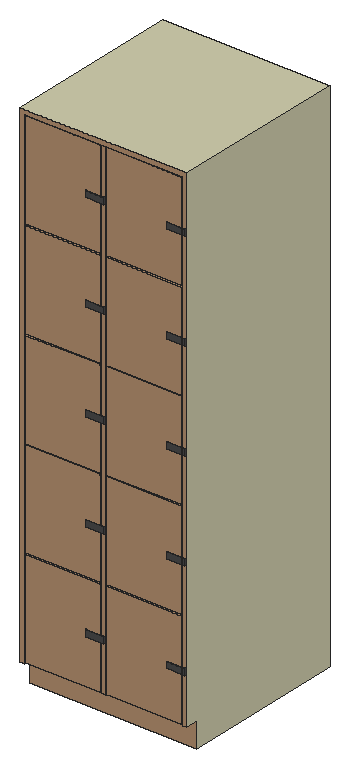
Revit family "Cabinet_Wenger_UltraStor_04", category Furniture, Revit 2015
Parameters (values of type "UltraStor Cabinet #04 - Comp Wood Doors")
  URL = "https://www.wengercorp.com/"
  Type Comments = ""
  Specification = "http://www.arcat.com/sdspecs/htm04/12_35_83wen.htm"
  Shelf Thickness = 0' - 1 1/8"
  Sales Information = "https://www.wengercorp.com/contact-us.php"
  Revision = "R1_2018-04"
  Rear Panel Thickness = 0' - 0 3/4"
  Product Data = "http://www.arcat.com/arcatcos/cos36/arc36487.html"
  Manufacturer Website = "https://www.wengercorp.com/"
  Manufacturer Phone - Toll Free = "800-4WENGER"
  Manufacturer Phone = "(507) 455-4100"
  Manufacturer Fax = "(507) 455-4258"
  Manufacturer Address = "555 Park Dr., Owatonna, MN 55060"
  Keynote = "12 35 83"
  HasDoors = yes
  Green Building-LEED = "http://www.arcat.com/green/clients/leed_data_36487.html"
  Drawn By = "Sumex Design, Inc. / Robert S. Weygant, CSI, CDT, SCIP"
  Door Width = (Cabinet Width - 0' 2 1/4") / 2  # 1' - 0 5/8"
  Door Style = Door_Base : Solid Door
  Door Material [instance] = Wenger Cherry (Use Cherry Edge Band Only)
  Door Height = (Cabinet Height - 0' 4 3/4") / 5  # 1' - 4.175"
  Toe Kick Material [instance] = Wenger Cherry (Use Cherry Edge Band Only)
  RH End Panel [instance] = no
  Model = "#04"
  Manufacturer = "Wenger Corporation"
  LH End Panel [instance] = no
  End Panel Material [instance] = Wenger Cherry (Use Cherry Edge Band Only)
  Edge Banding Material [instance] = Wenger Cherry (Use Cherry Edge Band Only)
  Cost = 0
  Copyright = "© 2018 Arcat Inc."
  Construction Details = "http://www.arcat.com/details/wengerco/wengerco.html?coid=36487"
  Body Material [instance] = Wenger - Oyster
  Description = "Wenger UltraStor Cabinet #04 - Comp Wood Doors"
  Cabinet Width = 2' - 3 1/2"
  Cabinet Height = 7' - 1 5/8"
  Installed Depth = 2' - 5 1/4"
  Cabinet Panel Thickness = 0' - 0 3/4"
  Assembly Code = "E2010200"
Types (14): name | Rear Panel Thickness | HasDoors | Door Width | Door Style | Door Material | Model | Description | Cabinet Width | Installed Depth
  Acoustic Cabinet #04 - No Doors | 0' - 3 1/4" | no | 1' - 0 5/8" | Door_Base : Solid Door | none | "#04A" | "Wenger Acoustic Cabinet #04 - No Doors" | 2' - 3 1/2" | 2' - 7 3/4"
  Narrow Acoustic Cabinet #04 - No Doors | 0' - 3 1/4" | no | 0' - 9 5/8" | Door_Base : Solid Door | none | "#04NA" | "Wenger Narrow Acoustic Cabinet #04 - No Doors" | 1' - 9 1/2" | 2' - 7 3/4"
  Acoustic Cabinet #04 - Comp Grille Doors | 0' - 3 1/4" | yes | 1' - 0 5/8" | Door_Base : Bars | Painted Black | "#04A" | "Wenger Acoustic Cabinet #04 - Comp Grille Doors" | 2' - 3 1/2" | 2' - 7 3/4"
  Narrow Acoustic Cabinet #04 - Comp Waterfall Grille Doors | 0' - 3 1/4" | yes | 0' - 9 5/8" | Door_Base : Waterfall | Painted Black | "#04NA" | "Wenger Narrow Acoustic Cabinet #04 - Comp Waterfall Grille Doors" | 1' - 9 1/2" | 2' - 7 3/4"
  Narrow Acoustic Cabinet #04 - Comp Grille Doors | 0' - 3 1/4" | yes | 0' - 9 5/8" | Door_Base : Bars | Painted Black | "#04NA" | "Wenger Narrow Acoustic Cabinet #04 - Comp Grille Doors" | 1' - 9 1/2" | 2' - 7 3/4"
  Acoustic Cabinet #04 - Comp Waterfall Grille Doors | 0' - 3 1/4" | yes | 1' - 0 5/8" | Door_Base : Waterfall | Painted Black | "#04A" | "Wenger Acoustic Cabinet #04 - Comp Waterfall Grille Doors" | 2' - 3 1/2" | 2' - 7 3/4"
  UltraStor Cabinet #04 - No Doors | 0' - 0 3/4" | no | 1' - 0 5/8" | Door_Base : Solid Door | none | "#04" | "Wenger UltraStor Cabinet #04 - No Doors" | 2' - 3 1/2" | 2' - 5 1/4"
  Narrow UltraStor Cabinet #04 - No Doors | 0' - 0 3/4" | no | 0' - 9 5/8" | Door_Base : Solid Door | none | "#04N" | "Wenger Narrow Cabinet #04 - No Doors" | 1' - 9 1/2" | 2' - 5 1/4"
  UltraStor Cabinet #04 - Comp Waterfall Grille Doors | 0' - 0 3/4" | yes | 1' - 0 5/8" | Door_Base : Waterfall | Painted Black | "#04" | "Wenger UltraStor Cabinet #04 - Comp Waterfall Grille Doors" | 2' - 3 1/2" | 2' - 5 1/4"
  UltraStor Cabinet #04 - Comp Wood Doors | 0' - 0 3/4" | yes | 1' - 0 5/8" | Door_Base : Solid Door | Wenger Cherry (Use Cherry Edge Band Only) | "#04" | "Wenger UltraStor Cabinet #04 - Comp Wood Doors" | 2' - 3 1/2" | 2' - 5 1/4"
  Narrow UltraStor Cabinet #04 - Comp Waterfall Grille Doors | 0' - 0 3/4" | yes | 0' - 9 5/8" | Door_Base : Waterfall | Painted Black | "#04N" | "Wenger Narrow Cabinet #04 - Comp Waterfall Grille Doors" | 1' - 9 1/2" | 2' - 5 1/4"
  Narrow UltraStor Cabinet #04 - Comp Wood Doors | 0' - 0 3/4" | yes | 0' - 9 5/8" | Door_Base : Solid Door | Wenger Cherry (Use Cherry Edge Band Only) | "#04N" | "Wenger Narrow Cabinet #04 - Comp Wood Doors" | 1' - 9 1/2" | 2' - 5 1/4"
  UltraStor Cabinet #04 - Comp Grille Doors | 0' - 0 3/4" | yes | 1' - 0 5/8" | Door_Base : Bars | Painted Black | "#04" | "Wenger UltraStor Cabinet #04 - Comp Grille Doors" | 2' - 3 1/2" | 2' - 5 1/4"
  Narrow UltraStor Cabinet #04 - Comp Grille Doors | 0' - 0 3/4" | yes | 0' - 9 5/8" | Door_Base : Bars | Painted Black | "#04N" | "Wenger Narrow Cabinet #04 - Comp Grille Doors" | 1' - 9 1/2" | 2' - 5 1/4"
Reference planes (in)
  plane 1 "Front": y = 0
  plane 2: z = 0
  plane 3 "Left": x = 0
  plane 4 "Right": x = 27.5
  plane 5 "Back": y = 29.25
  plane 6 "Top": z = 85.625
  plane 7: z = 4
  plane 8: z = 20.175
  plane 9: z = 36.35
  plane 10: z = 52.525
  plane 11: z = 68.7
  plane 12: x = 0.75
  plane 13: x = 26.75
  plane 14: z = 84.875
  plane 15: x = 13.375
  plane 16: x = 14.125
  plane 17: y = 28.5
  plane 18: y = 2
  plane 19: y = 0.75
  plane 20: z = 21.3
  plane 21: z = 37.475
  plane 22: z = 53.65
  plane 23: z = 69.825
  plane 24: z = 5.125
Forms (in)
  Extrusion 1, solid, material "Wenger - Oyster" <- "Body Material"
    sketch origin (0, 0, 0) x (0, 1, 0) y (0, 0, 1)
      loop
        line (0, 85.625) -> (0, 4) -> (2, 4) -> (2, 0) -> (29.25, 0) -> (29.25, 85.625) -> (0, 85.625)
    from 0 to 27.5
  Extrusion 2, void
    sketch origin (0, 0, 0) x (0, 1, 0) y (0, 0, 1)
      loop
        line (-5.5, 84.875) -> (-5.5, 4) -> (0.75, 4)
        arc (0.75, 4) -> (1.15915, 4.80234) -> (2, 5.125) r 1.25694
        line (2, 5.125) -> (28.5, 5.125) -> (28.5, 20.175) -> (0.75, 20.175)
        arc (0.75, 20.175) -> (1.18296, 20.95088) -> (2, 21.3) r 1.375
        line (2, 21.3) -> (28.5, 21.3) -> (28.5, 36.35) -> (0.75, 36.35)
        arc (0.75, 36.35) -> (1.18296, 37.12588) -> (2, 37.475) r 1.375
        line (2, 37.475) -> (28.5, 37.475) -> (28.5, 52.525) -> (0.75, 52.525)
        arc (0.75, 52.525) -> (1.18296, 53.30088) -> (2, 53.65) r 1.375
        line (2, 53.65) -> (28.5, 53.65) -> (28.5, 68.7) -> (0.75, 68.7)
        arc (0.75, 68.7) -> (1.18296, 69.47588) -> (2, 69.825) r 1.375
        line (2, 69.825) -> (28.5, 69.825) -> (28.5, 84.875) -> (-5.5, 84.875)
    from 0.75 to 13.375
  Extrusion 3, void
    sketch origin (0, 0, 0) x (0, 1, 0) y (0, 0, 1)
      loop
        line (-5.5, 84.875) -> (-5.5, 4) -> (0.75, 4)
        arc (0.75, 4) -> (1.18296, 4.77588) -> (2, 5.125) r 1.375
        line (2, 5.125) -> (28.5, 5.125) -> (28.5, 20.175) -> (0.75, 20.175)
        arc (0.75, 20.175) -> (1.18296, 20.95088) -> (2, 21.3) r 1.375
        line (2, 21.3) -> (28.5, 21.3) -> (28.5, 36.35) -> (0.75, 36.35)
        arc (0.75, 36.35) -> (1.18296, 37.12588) -> (2, 37.475) r 1.375
        line (2, 37.475) -> (28.5, 37.475) -> (28.5, 52.525) -> (0.75, 52.525)
        arc (0.75, 52.525) -> (1.18296, 53.30088) -> (2, 53.65) r 1.375
        line (2, 53.65) -> (28.5, 53.65) -> (28.5, 68.7) -> (0.75, 68.7)
        arc (0.75, 68.7) -> (1.18296, 69.47588) -> (2, 69.825) r 1.375
        line (2, 69.825) -> (28.5, 69.825) -> (28.5, 84.875) -> (-5.5, 84.875)
    from 14.125 to 26.75
  Extrusion 4, void
    sketch origin (0, 0, 0) x (0, 1, 0) y (0, 0, 1)
      loop
        line (0, 84.875) -> (0, 4) -> (0.0625, 4) -> (0.0625, 84.875) -> (0, 84.875)
    from 0.75 to 26.75
Cuts and joins
  Extrusion 2, Extrusion 3, Extrusion 4 cuts Extrusion 1
Lines and regions (in)
  Masking region 1
    outline origin (0, 0, 0) x (1, 0, 0) y (0, 1, 0)
      loop
        line (0, 29.25) -> (0, 0) -> (27.5, 0) -> (27.5, 29.25) -> (0, 29.25)
Dimensions and locks (in)
  "Cabinet Panel Thickness": plane 3 "Left" to plane 12
  "Cabinet Panel Thickness": plane 13 to plane 4 "Right"
  "Cabinet Panel Thickness": plane 5 "Back" to plane 17
  locked: plane 1 "Front" to plane 19 at 0.75
  locked: plane 1 "Front" to plane 18 at 2
  "Shelf Thickness": plane 20 to plane 8
  "Shelf Thickness": plane 21 to plane 9
  "Shelf Thickness": plane 22 to plane 10
  "Shelf Thickness": plane 23 to plane 11
  "Cabinet Panel Thickness": plane 6 "Top" to plane 14
  equal spacing: plane 14, plane 11, plane 10, plane 9, plane 8, plane 7
  "Shelf Thickness": plane 24 to plane 7
  "Cabinet Width": plane 3 "Left" to plane 4 "Right"
  locked: plane 7 to level at 4
  "Cabinet Height": plane 6 "Top" to level
  "Installed Depth": plane 1 "Front" to plane 5 "Back"
  "Door Width": plane 15 to plane 12
  "Door Width": plane 13 to plane 16
  plane 3 "Left" to plane 4 "Right" = 2' - 3 1/2"
  equal spacing: plane 5 "Back", nested 2, plane 1 "Front"
  equal spacing: plane 15, nested 2, plane 16
  aligned and locked: Extrusion 1 sketch curve to plane 6 "Top"
  aligned and locked: Extrusion 1 sketch curve to plane 5 "Back"
  aligned and locked: Extrusion 1 sketch curve to plane 1 "Front"
  aligned and locked: Extrusion 1 sketch curve to plane 7
  aligned and locked: Extrusion 1 sketch curve to plane 18
  aligned and locked: Extrusion 1 sketch curve to level
  aligned and locked: Extrusion 1 to plane 4 "Right"
  aligned and locked: Extrusion 1 to plane 3 "Left"
  aligned and locked: Extrusion 2 sketch curve to plane 14
  aligned and locked: Extrusion 2 sketch curve to plane 17
  aligned and locked: Extrusion 2 sketch curve to plane 11
  aligned and locked: Extrusion 2 sketch curve to plane 22
  aligned and locked: Extrusion 2 sketch curve to plane 10
  aligned and locked: Extrusion 2 sketch curve to plane 21
  aligned and locked: Extrusion 2 sketch curve to plane 9
  aligned and locked: Extrusion 2 sketch curve to plane 20
  aligned and locked: Extrusion 2 sketch curve to plane 8
  aligned and locked: Extrusion 2 sketch curve to plane 24
  aligned and locked: Extrusion 2 sketch curve to plane 23
  aligned and locked: Extrusion 2 to plane 12
  aligned and locked: plane 15 to Extrusion 2
  aligned and locked: Extrusion 3 to plane 13
  aligned and locked: Extrusion 3 to plane 16
  aligned and locked: Extrusion 4 sketch curve to cut or joined group of Extrusion 1, Extrusion 2, Extrusion 3, Extrusion 4  (x3)
  aligned and locked: Extrusion 4 to plane 13
  aligned and locked: Extrusion 4 to plane 12
  aligned and locked: plane 10 to nested 8
  aligned and locked: nested 3 to plane 12
  aligned and locked: plane 15 to nested 3
  aligned and locked: nested 3 to plane 11
  aligned and locked: plane 14 to nested 3
  aligned and locked: cut or joined group of Extrusion 1, Extrusion 2, Extrusion 3, Extrusion 4 to plane 16
  aligned and locked: cut or joined group of Extrusion 1, Extrusion 2, Extrusion 3, Extrusion 4 to plane 13
  aligned and locked: plane 14 to nested 4
  aligned and locked: nested 4 to plane 11
  aligned and locked: plane 11 to cut or joined group of Extrusion 1, Extrusion 2, Extrusion 3, Extrusion 4
  aligned and locked: plane 11 to nested 6
  aligned and locked: plane 11 to nested 5
  aligned and locked: nested 6 to plane 10
  aligned and locked: nested 5 to plane 10
  aligned and locked: plane 10 to cut or joined group of Extrusion 1, Extrusion 2, Extrusion 3, Extrusion 4
  aligned and locked: plane 10 to nested 7
  aligned and locked: nested 7 to plane 9
  aligned and locked: plane 9 to nested 9
  aligned and locked: nested 8 to plane 9
  aligned and locked: plane 9 to nested 10
  aligned and locked: nested 9 to plane 8
  aligned and locked: plane 8 to nested 11
  aligned and locked: nested 10 to plane 8
  aligned and locked: plane 8 to nested 12
  aligned and locked: nested 12 to plane 13
  aligned and locked: nested 10 to plane 13
  aligned and locked: nested 8 to plane 13
  aligned and locked: nested 6 to plane 13
  aligned and locked: nested 4 to plane 13
  aligned and locked: nested 4 to plane 16
  aligned and locked: nested 6 to plane 16
  aligned and locked: nested 8 to plane 16
  aligned and locked: nested 10 to plane 16
  aligned and locked: nested 12 to plane 16
  aligned and locked: plane 15 to nested 11
  aligned and locked: plane 15 to nested 9
  aligned and locked: plane 15 to nested 7
  aligned and locked: plane 15 to nested 5
  aligned and locked: nested 5 to plane 12
  aligned and locked: nested 7 to plane 12
  aligned and locked: nested 9 to plane 12
  aligned and locked: nested 11 to plane 12
  aligned and locked: plane 7 to cut or joined group of Extrusion 1, Extrusion 2, Extrusion 3, Extrusion 4
  aligned and locked: nested 12 to plane 7
  aligned and locked: nested 11 to plane 7
  aligned and locked: plane 19 to Extrusion 2 sketch curve
  aligned and locked: plane 1 "Front" to nested 13
  aligned and locked: nested 13 to level
  aligned and locked: nested 13 to plane 4 "Right"
  aligned and locked: Masking region 1 sketch curve to plane 5 "Back"
  aligned and locked: Masking region 1 sketch curve to plane 1 "Front"
  aligned and locked: plane 3 "Left" to Masking region 1 sketch curve
  aligned and locked: plane 4 "Right" to Masking region 1 sketch curve
Automatic sketch dimensions
  Extrusion 3 sketch curve to plane 14 = 0' - 0"
  Extrusion 3 sketch curve to plane 7 = 0' - 0"
  Extrusion 3 sketch curve to plane 19 = 0' - 0"  (x5)
  Extrusion 3 sketch curve to plane 11 = 0' - 0"
  Extrusion 3 sketch curve to plane 8 = 0' - 0"
  Extrusion 3 sketch curve to plane 10 = 0' - 0"
  Extrusion 3 sketch curve to plane 9 = 0' - 0"
  Extrusion 3 sketch curve to plane 18 = 0' - 0"  (x5)
  Extrusion 3 sketch curve to plane 17 = 0' - 0"  (x5)
  Extrusion 3 sketch curve to plane 24 = 0' - 0"
  Extrusion 3 sketch curve to plane 20 = 0' - 0"
  Extrusion 3 sketch curve to plane 21 = 0' - 0"
  Extrusion 3 sketch curve to plane 22 = 0' - 0"
  Extrusion 3 sketch curve to plane 23 = 0' - 0"
  plane 1 "Front" to Extrusion 3 sketch curve = 0' - 5 1/2"
  Extrusion 3 sketch curve to plane 18 = 0' - 0.10279"  (x5)
  plane 19 to Extrusion 4 sketch curve = 0' - 0 11/16"
  Extrusion 2 sketch curve to plane 7 = 0' - 0"
  Extrusion 2 sketch curve to plane 19 = 0' - 0"  (x4)
  Extrusion 2 sketch curve to plane 18 = 0' - 0"  (x5)
  Extrusion 2 sketch curve to plane 17 = 0' - 0"  (x4)
  plane 1 "Front" to Extrusion 2 sketch curve = 0' - 5 1/2"
  Extrusion 2 sketch curve to plane 18 = 0' - 0.10279"  (x4)
Nested families (in)
  nested 1: "End Panel" at (0, 14.25, 0) x (0, -1, 0) z (0, 0, 1), End Panel Material <- "End Panel Material", visible <- "LH End Panel", Edge Banding Material <- "Edge Banding Material", type "End Panel"
    with End Panel Material Wenger Cherry (Use Cherry Edge Band Only), Edge Banding Material Wenger Cherry (Use Cherry Edge Band Only), End Panel Depth 2' - 5 1/4"
  nested 2: "Labels" at (13.75, 14.625, 0), type "Labels"
  nested 3: "Door_Base" at (7.0625, 0, 68.7) x (1, 0, 0) z (0, -1, 0), type <- "Door Style", Height <- "Door Height", Width <- "Door Width", visible <- "HasDoors", type "Solid Door", detail levels medium+fine
    with vBars 11, Width 1' - 0 5/8", ToeKick Height 0' - 4", MidBar no, Height 1' - 4.175", BarHt 1' - 3.675", 2HzBars no
  nested 4: "Door_Base" at (20.4375, 0, 68.7) x (1, 0, 0) z (0, -1, 0), type <- "Door Style", Height <- "Door Height", Width <- "Door Width", visible <- "HasDoors", type "Solid Door", detail levels medium+fine
    with vBars 11, Width 1' - 0 5/8", ToeKick Height 0' - 4", MidBar no, Height 1' - 4.175", BarHt 1' - 3.675", 2HzBars no
  nested 5: "Door_Base" at (7.0625, 0, 52.525) x (1, 0, 0) z (0, -1, 0), type <- "Door Style", Height <- "Door Height", Width <- "Door Width", visible <- "HasDoors", type "Solid Door", detail levels medium+fine
    with vBars 11, Width 1' - 0 5/8", ToeKick Height 0' - 4", MidBar no, Height 1' - 4.175", BarHt 1' - 3.675", 2HzBars no
  nested 6: "Door_Base" at (20.4375, 0, 52.525) x (1, 0, 0) z (0, -1, 0), type <- "Door Style", Height <- "Door Height", Width <- "Door Width", visible <- "HasDoors", type "Solid Door", detail levels medium+fine
    with vBars 11, Width 1' - 0 5/8", ToeKick Height 0' - 4", MidBar no, Height 1' - 4.175", BarHt 1' - 3.675", 2HzBars no
  nested 7: "Door_Base" at (7.0625, 0, 36.35) x (1, 0, 0) z (0, -1, 0), type <- "Door Style", Height <- "Door Height", Width <- "Door Width", visible <- "HasDoors", type "Solid Door", detail levels medium+fine
    with vBars 11, Width 1' - 0 5/8", ToeKick Height 0' - 4", MidBar no, Height 1' - 4.175", BarHt 1' - 3.675", 2HzBars no
  nested 8: "Door_Base" at (20.4375, 0, 36.35) x (1, 0, 0) z (0, -1, 0), type <- "Door Style", Height <- "Door Height", Width <- "Door Width", visible <- "HasDoors", type "Solid Door", detail levels medium+fine
    with vBars 11, Width 1' - 0 5/8", ToeKick Height 0' - 4", MidBar no, Height 1' - 4.175", BarHt 1' - 3.675", 2HzBars no
  nested 9: "Door_Base" at (7.0625, 0, 20.175) x (1, 0, 0) z (0, -1, 0), type <- "Door Style", Height <- "Door Height", Width <- "Door Width", visible <- "HasDoors", type "Solid Door", detail levels medium+fine
    with vBars 11, Width 1' - 0 5/8", ToeKick Height 0' - 4", MidBar no, Height 1' - 4.175", BarHt 1' - 3.675", 2HzBars no
  nested 10: "Door_Base" at (20.4375, 0, 20.175) x (1, 0, 0) z (0, -1, 0), type <- "Door Style", Height <- "Door Height", Width <- "Door Width", visible <- "HasDoors", type "Solid Door", detail levels medium+fine
    with vBars 11, Width 1' - 0 5/8", ToeKick Height 0' - 4", MidBar no, Height 1' - 4.175", BarHt 1' - 3.675", 2HzBars no
  nested 11: "Door_Base" at (7.0625, 0, 4) x (1, 0, 0) z (0, -1, 0), type <- "Door Style", Height <- "Door Height", Width <- "Door Width", visible <- "HasDoors", type "Solid Door", detail levels medium+fine
    with vBars 11, Width 1' - 0 5/8", ToeKick Height 0' - 4", MidBar no, Height 1' - 4.175", BarHt 1' - 3.675", 2HzBars no
  nested 12: "Door_Base" at (20.4375, 0, 4) x (1, 0, 0) z (0, -1, 0), type <- "Door Style", Height <- "Door Height", Width <- "Door Width", visible <- "HasDoors", type "Solid Door", detail levels medium+fine
    with vBars 11, Width 1' - 0 5/8", ToeKick Height 0' - 4", MidBar no, Height 1' - 4.175", BarHt 1' - 3.675", 2HzBars no
  nested 13: "End Panel" at (28.25, 14.25, 0) x (0, -1, 0) z (0, 0, 1), End Panel Material <- "End Panel Material", Edge Banding Material <- "Edge Banding Material", visible <- "RH End Panel", type "End Panel"
    with End Panel Material Wenger Cherry (Use Cherry Edge Band Only), Edge Banding Material Wenger Cherry (Use Cherry Edge Band Only), End Panel Depth 2' - 5 1/4"
Definition of nested family "End Panel"
  Parameters (values of type "End Panel")
    End Panel Material [instance] = none
    End Panel Height = 7' - 1 5/8"
    End Panel Depth = 1' - 9 3/4"
    Edge Banding Material [instance] = none
    Default Elevation = 4' - 0"
    Assembly Code = ""
  Reference planes (in)
    plane 1 "Center (Front/Back)": y = 0
    plane 2: z = 0
    plane 3 "Center (Left/Right)": x = 0
    plane 4: x = -15
    plane 5: x = 6.75
    plane 6: z = 4
    plane 7: x = 4.75
    plane 8: z = 85.625
    plane 9: y = -0.75
  Forms (in)
    Extrusion 1, solid, material <- "End Panel Material"
      sketch origin (0, 0, 0) x (1, 0, 0) y (0, 0, 1)
        loop
          line (-15, 85.625) -> (-15, 0) -> (4.75, 0) -> (4.75, 4) -> (6.75, 4) -> (6.75, 85.625) -> (-15, 85.625)
      from 0 to 0.75
  Lines and regions (in)
    Masking region 1, detail levels coarse+medium
      outline origin (0, 0, 0) x (1, 0, 0) y (0, 1, 0)
        loop
          line (-15, 0) -> (-15, -0.75) -> (6.75, -0.75) -> (6.75, 0) -> (-15, 0)
  Dimensions and locks (in)
    locked: plane 7 to plane 5 at 2
    locked: plane 6 to level at 4
    "End Panel Height": plane 8 to level
    "End Panel Depth": plane 5 to plane 4
    locked: plane 9 to plane 1 "Center (Front/Back)" at 0.75
    aligned and locked: plane 4 to Extrusion 1 sketch curve
    aligned and locked: level to Extrusion 1 sketch curve
    aligned and locked: plane 7 to Extrusion 1 sketch curve
    aligned and locked: plane 6 to Extrusion 1 sketch curve
    aligned and locked: Extrusion 1 sketch curve to plane 5
    aligned and locked: Extrusion 1 sketch curve to plane 8
    aligned and locked: Extrusion 1 to plane 9
    aligned and locked: Extrusion 1 to plane 1 "Center (Front/Back)"
    aligned and locked: plane 4 to Masking region 1 sketch curve
    aligned and locked: Masking region 1 sketch curve to plane 5
    aligned and locked: plane 1 "Center (Front/Back)" to Masking region 1 sketch curve
    aligned and locked: plane 9 to Masking region 1 sketch curve
Definition of nested family "Door_Base"
  Parameters (values of type "None")
    vBars [instance] = (Width - 0' 2") / 0' 1"  # 6
    Width [instance] = 0' - 8"
    ToeKick Height [instance] = 0' - 4"
    Thickness = 0' - 0 3/4"
    Solid Door = no
    Shelf Thickness = 0' - 0 3/4"
    Panel Thickness = 0' - 0 3/4"
    MidBar [instance] = and(Height < 1' 6", HasDoor, not(Solid Door))  # no
    Height [instance] = 1' - 2 5/8"
    HasDoor = no
    Edge Banding = none
    DoorGap = 0' - 0 1/8"
    Door Finish = none
    Depth = 2' - 0"
    Default Elevation = 4' - 0"
    Bars = no
    BarStyle = Bars : Waterfall
    BarHt [instance] = Height - 0' 0 1/2"  # 1' - 2 1/8"
    2HzBars [instance] = and(Height > 1' 6", not(Solid Door))  # no
  Types (4): name | Thickness | Solid Door | MidBar | HasDoor | Bars | BarStyle
    Solid Door | 0' - 0 3/4" | yes | no | yes | no | Bars : Waterfall
    Bars | 0' - 0 1/4" | no | yes | yes | yes | Bars : Straight
    Waterfall | 0' - 0 3/4" | no | yes | yes | yes | Bars : Waterfall
    None | 0' - 0 3/4" | no | no | no | no | Bars : Waterfall
  Reference planes (in)
    plane 1 "Center (Front/Back)": y = 0
    plane 2: z = 0
    plane 3 "Center (Left/Right)": x = 0
    plane 4: x = -4
    plane 5: y = 14.625
    plane 6: x = 4
    plane 7: z = -0.75
    plane 8: x = -3.875
    plane 9: x = 3.875
    plane 10: y = 0.125
    plane 11: y = 14.5
    plane 12: y = -0.75
    plane 13 "CL Elev": y = 7.3125
    plane 14: x = -3.75
    plane 15: x = 3.75
    plane 16 "BtmRail": y = 0.25
    plane 17: y = 14.375
    plane 18: z = -0.125
    plane 19: x = -2.75
    plane 20: x = 2.75
    plane 21: y = 9.66667
    plane 22: y = 4.95833
  Forms (in)
    Extrusion 1, solid, material <- "Door Finish", visible <- "Solid Door", detail levels medium+fine
      sketch origin (0, 0, 0) x (1, 0, 0) y (0, 1, 0)
        loop
          arc (-3.75, 14.5) -> (-3.83839, 14.46339) -> (-3.875, 14.375) r 0.125
          line (-3.875, 14.375) -> (-3.875, 0.25)
          arc (-3.875, 0.25) -> (-3.83839, 0.16161) -> (-3.75, 0.125) r 0.125
          line (-3.75, 0.125) -> (3.75, 0.125)
          arc (3.75, 0.125) -> (3.83839, 0.16161) -> (3.875, 0.25) r 0.125
          line (3.875, 0.25) -> (3.875, 14.375)
          arc (3.875, 14.375) -> (3.83839, 14.46339) -> (3.75, 14.5) r 0.125
          line (3.75, 14.5) -> (-3.75, 14.5)
      from 0 to -0.75
    Sweep 2, solid, material <- "Door Finish", visible <- "Bars", detail levels medium+fine
      path origin (0, 0, 0) x (1, 0, 0) y (0, 1, 0)
        loop
          arc (-3.125, 14.5) -> (-3.65533, 14.28033) -> (-3.875, 13.75) r 0.75
          line (-3.875, 13.75) -> (-3.875, 0.875)
          arc (-3.875, 0.875) -> (-3.65533, 0.34467) -> (-3.125, 0.125) r 0.75
          line (-3.125, 0.125) -> (3.125, 0.125)
          arc (3.125, 0.125) -> (3.65533, 0.34467) -> (3.875, 0.875) r 0.75
          line (3.875, 0.875) -> (3.875, 13.75)
          arc (3.875, 13.75) -> (3.65533, 14.28033) -> (3.125, 14.5) r 0.75
          line (3.125, 14.5) -> (-3.125, 14.5)
      profile origin (0, 14.5, 0) x (0, 1, 0) y (0, 0, 1)
        loop
          circle (-0.125, -0.125) r 0.125
    Extrusion 3, solid, material <- "Door Finish", visible <- "MidBar", detail levels medium+fine
      sketch origin (0, 0, 0) x (0, 1, 0) y (0, 0, 1)
        loop
          circle (7.3125, -0.125) r 0.125
      from -3.75 to 3.75
    Extrusion 4, solid, visible <- "HasDoor", detail levels fine
      sketch origin (0, 0, 0) x (1, 0, 0) y (0, 1, 0)
        loop
          line (1.5, 7.8125) -> (1.5, 6.8125) -> (4.5, 6.8125) -> (4.5, 7.8125) -> (1.5, 7.8125)
      from 0 to 0.125
    Extrusion 5, solid, material <- "Door Finish", visible <- "2HzBars", detail levels medium+fine
      sketch origin (0, 0, 0) x (0, 1, 0) y (0, 0, 1)
        loop
          circle (9.66667, -0.125) r 0.125
        loop
          circle (4.95833, -0.125) r 0.125
      from -3.75 to 3.75
  Lines and regions (in)
    symbolic lines, visible <- "HasDoor", detail levels medium+fine
      curve 1: line (4, 0.25, 0) -> (-4, 0.25, 0)
      curve 2: line (-4, 0.25, 0) -> (-4, 0.25, 8)
      curve 3: arc (4, 0.25, 0) -> (1.65685, 0.25, 5.65685) -> (-4, 0.25, 8) r 8
    symbolic lines, visible <- "HasDoor"
      curve 4: line (3.875, 0.25, 0) -> (3.875, 0.25, -0.75)
      curve 5: line (3.875, 0.25, -0.75) -> (-3.875, 0.25, -0.75)
      curve 6: line (-3.875, 0.25, -0.75) -> (-3.875, 0.25, 0)
    symbolic lines, detail levels medium
      curve 7: line (3.875, 14.5, 0) -> (-3.875, 7.3125, 0)
      curve 8: line (-3.875, 7.3125, 0) -> (3.875, 0.125, 0)
  Dimensions and locks (in)
    "Height": plane 1 "Center (Front/Back)" to plane 5
    "Thickness": level to plane 7
    equal spacing: plane 4, plane 3 "Center (Left/Right)", plane 6
    "Width": plane 4 to plane 6
    "DoorGap": plane 5 to plane 11
    "DoorGap": plane 9 to plane 6
    "DoorGap": plane 4 to plane 8
    "DoorGap": plane 1 "Center (Front/Back)" to plane 10
    "Shelf Thickness": plane 1 "Center (Front/Back)" to plane 12
    equal spacing: plane 1 "Center (Front/Back)", plane 13 "CL Elev", plane 5
    locked: plane 15 to plane 9 at 0.125
    locked: plane 8 to plane 14 at 0.125
    locked: plane 11 to plane 17 at 0.125
    locked: plane 16 "BtmRail" to plane 10 at 0.125
    locked: level to plane 18 at 0.125
    plane 19 to plane 14 = 0' - 1"
    locked: plane 15 to plane 20 at 1
    Extrusion 4 sketch curve to plane 13 "CL Elev" to Extrusion 4 sketch curve = 0' - 0 1/2" locked, 0' - 0 1/2" locked
    locked: plane 6 to Extrusion 4 sketch curve at 0.5
    locked: Extrusion 4 sketch curve to plane 6 at 2.5
    locked: Extrusion 4 to level at 0.125
    equal spacing: group 1, group 3, group 4, group 5, group 6, group 2  (x3)
    equal spacing: plane 17, plane 21, plane 22, plane 16 "BtmRail"
    "Width": radius of curve 3
    aligned and locked: plane 2 to level
    aligned and locked: Extrusion 1 sketch curve to plane 11
    aligned and locked: plane 8 to Extrusion 1 sketch curve
    aligned and locked: Extrusion 1 sketch curve to plane 9
    aligned and locked: plane 10 to Extrusion 1 sketch curve
    aligned and locked: Extrusion 1 to plane 7
    aligned and locked: level to Extrusion 1
    aligned and locked: Sweep 2 sketch curve to plane 11
    aligned and locked: plane 8 to Sweep 2 sketch curve
    aligned and locked: plane 10 to Sweep 2 sketch curve
    aligned and locked: Sweep 2 sketch curve to plane 9
    aligned and locked: plane 15 to Extrusion 3
    aligned and locked: Extrusion 3 to plane 14
    aligned and locked: plane 20 to nested 2
    aligned and locked: plane 19 to nested 1
    aligned and locked: plane 21 to Extrusion 5 sketch curve
    aligned and locked: plane 18 to Extrusion 5 sketch curve  (x2)
    aligned and locked: plane 22 to Extrusion 5 sketch curve
    aligned and locked: Extrusion 5 to Extrusion 3  (x2)
    aligned and locked: plane 4 to curve 3  (x2)
    aligned and locked: level to curve 3
    aligned and locked: plane 7 to curve 5
    aligned and locked: Extrusion 1 to plane 8
    aligned and locked: plane 9 to Extrusion 1
    aligned and locked: plane 10 to curve 8
    aligned and locked: plane 9 to curve 8
    aligned and locked: plane 13 "CL Elev" to curve 8
    aligned and locked: plane 11 to curve 7
    aligned and locked: plane 9 to curve 7
  Automatic sketch dimensions
    plane 8 to Sweep 2 sketch curve = 0' - 0 3/4"  (x2)
    Sweep 2 sketch curve to plane 9 = 0' - 0 3/4"
    Sweep 2 sketch curve to Sweep 2 sketch curve = 0' - 0 3/4"
    Sweep 2 sketch curve to level = 0' - 0 1/8"
    profile plane to Sweep 2 sketch curve = 0' - 0 1/8"
    Extrusion 3 sketch curve to level = 0' - 0 1/8"
    Extrusion 3 sketch curve to plane 13 "CL Elev" = 0' - 0"
    curve 8 to plane 8 = 0' - 0"
    Extrusion 1 sketch curve to plane 14 = 0' - 0"  (x2)
    Extrusion 1 sketch curve to plane 15 = 0' - 0"  (x2)
    curve 5 to plane 9 = 0' - 0"
    curve 6 to plane 8 = 0' - 0"
    radius of Sweep 2 sketch curve = 0' - 0 1/8"
    radius of Extrusion 3 sketch curve = 0' - 0 1/8"
    radius of Extrusion 5 sketch curve = 0' - 0 1/8"  (x2)
  Nested families (in)
    nested 1: "Bars" at (-2.75, 0.25, -0.125) x (1, 0, 0) z (0, 1, 0), type <- "BarStyle", visible <- "Bars", type "Waterfall", detail levels fine
      with Lateral Deviation 0' - 1", Height 1' - 2 1/8"
    nested 2: "Bars" at (2.75, 0.25, -0.125) x (1, 0, 0) z (0, 1, 0), type <- "BarStyle", visible <- "Bars", type "Waterfall", detail levels fine
      with Lateral Deviation 0' - 1", Height 1' - 2 1/8"
    nested 3: "Bars" at (-1.65, 0.25, -0.125) x (1, 0, 0) z (0, 1, 0), type <- "BarStyle", visible <- "Bars", type "Waterfall", detail levels fine
      with Lateral Deviation 0' - 1", Height 1' - 2 1/8"
    nested 4: "Bars" at (-0.55, 0.25, -0.125) x (1, 0, 0) z (0, 1, 0), type <- "BarStyle", visible <- "Bars", type "Waterfall", detail levels fine
      with Lateral Deviation 0' - 1", Height 1' - 2 1/8"
    nested 5: "Bars" at (0.55, 0.25, -0.125) x (1, 0, 0) z (0, 1, 0), type <- "BarStyle", visible <- "Bars", type "Waterfall", detail levels fine
      with Lateral Deviation 0' - 1", Height 1' - 2 1/8"
    nested 6: "Bars" at (1.65, 0.25, -0.125) x (1, 0, 0) z (0, 1, 0), type <- "BarStyle", visible <- "Bars", type "Waterfall", detail levels fine
      with Lateral Deviation 0' - 1", Height 1' - 2 1/8"
  Definition of nested family "Bars"
    Parameters (values of type "Straight")
      WaterFall = no
      Straight = yes
      Lateral Deviation = 0' - 1 1/2"
      Height = 1' - 2 5/8"
      Default Elevation = 4' - 0"
      Bars = none
    Types (3): name | WaterFall | Straight
      (no name) | no | yes
      Waterfall | yes | no
      Straight | no | yes
    Reference planes (in)
      plane 1 "Center (Front/Back)": y = 0
      plane 2: z = 0
      plane 3 "Center (Left/Right)": x = 0
      plane 4: z = 14.625
      plane 5: z = 7.3125
      plane 6: x = 0.75
      plane 7: x = -0.75
      plane 8: z = 10.96875
      plane 9: z = 3.65625
    Forms (in)
      Sweep 1, solid, material <- "Bars", visible <- "WaterFall"
        path origin (0, 0, 0) x (1, 0, 0) y (0, 0, 1)
          loop
            arc (0, 0) -> (0.56057, 1.79006) -> (0.75, 3.65625) r 9.28711
            arc (0.75, 3.65625) -> (0.56057, 5.52244) -> (0, 7.3125) r 9.28711
        profile origin (0.56057, 0, 1.79006) x (-0.979603, 0, 0.200944) y (0, -1, 0)
          loop
            circle (0, 0) r 0.0625
      Sweep 2, solid, material <- "Bars", visible <- "WaterFall"
        path origin (0, 0, 14.625) x (-1, 0, 0) y (0, 0, -1)
          loop
            arc (0, 0) -> (0.56057, 1.79006) -> (0.75, 3.65625) r 9.28711
            arc (0.75, 3.65625) -> (0.56057, 5.52244) -> (0, 7.3125) r 9.28711
        profile origin (-0.56057, 0, 12.83494) x (0.979603, 0, -0.200944) y (0, -1, 0)
          loop
            circle (0, 0) r 0.0625
      Extrusion 3, solid, material <- "Bars", visible <- "Straight"
        sketch origin (0, 0, 0) x (1, 0, 0) y (0, 1, 0)
          loop
            circle (0, 0) r 0.0625
        from 0 to 14.625
    Dimensions and locks (in)
      "Height": plane 4 to level
      equal spacing: plane 6, plane 3 "Center (Left/Right)", plane 7
      "Lateral Deviation": plane 6 to plane 7
      equal spacing: plane 4, plane 8, plane 5, plane 9, level
      aligned and locked: plane 2 to level
      aligned and locked: plane 3 "Center (Left/Right)" to Sweep 1 sketch curve  (x2)
      aligned and locked: level to Sweep 1 sketch curve
      aligned and locked: plane 6 to Sweep 1 sketch curve
      aligned and locked: plane 9 to Sweep 1 sketch curve
      aligned and locked: plane 4 to Sweep 2 sketch curve
      aligned and locked: plane 3 "Center (Left/Right)" to Sweep 2 sketch curve  (x2)
      aligned and locked: plane 8 to Sweep 2 sketch curve
      aligned and locked: plane 7 to Sweep 2 sketch curve
      aligned and locked: plane 5 to Sweep 2 sketch curve
      aligned and locked: plane 4 to Extrusion 3
      aligned and locked: Extrusion 3 to level
    Automatic sketch dimensions
      plane 1 "Center (Front/Back)" to Sweep 1 sketch curve = 0' - 0"
      Sweep 1 sketch curve to profile plane = 0' - 0"
      Sweep 1 sketch curve to Sweep 1 sketch curve = 0' - 0"
      Sweep 2 sketch curve to plane 1 "Center (Front/Back)" = 0' - 0"
      Sweep 2 sketch curve to profile plane = 0' - 0"
      plane 1 "Center (Front/Back)" to Extrusion 3 sketch curve = 0' - 0"
      Extrusion 3 sketch curve to plane 3 "Center (Left/Right)" = 0' - 0"
      radius of Sweep 1 sketch curve = 0' - 0 1/16"
      radius of Sweep 2 sketch curve = 0' - 0 1/16"
      radius of Extrusion 3 sketch curve = 0' - 0 1/16"
Definition of nested family "Labels"
  Parameters
    Cabinet Label = "01"
  Reference planes (in)
    plane 1: y = 0
    plane 2: x = 0
  Text (in)
    label "xxxx" at (-0.00018, 0.00754, 0), shows "Cabinet Label"
